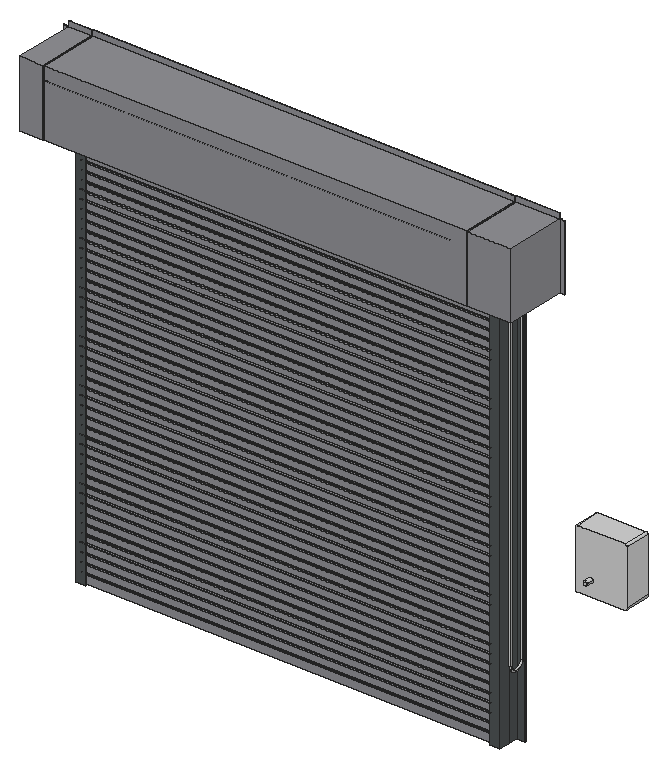
Revit family "Doors_Industrial_Overhead-Door-Corporation_RapidSlat-Rolling-Steel-Service-Doors-626_", category Specialty Equipment, host Wall, Revit 2019
Family settings
  Host = Wall
  Round Connector Dimension = Use Diameter
  Part Type = Normal
  OmniClass Number = 23.30.10.21.34
  OmniClass Title = Industrial Doors
  Always vertical = Yes
  Cut with Voids When Loaded = Yes
  Shared = No
  Room Calculation Point = No
Parameters (values of type "208 volts, one phase, 60 Hz (208-240V range)")
  Warning Sign [instance] = if(Calculated Area > 683.00 SF, 1 = 1, 1 = 2)  # no
  Warning (Note) [instance] = if(Warning Sign, "The Door Area is out of the limit; please adjust accordingly. The maximum allowed area is 683 sq. ft.", if(Opening Height > 360", "Headroom Clearance Dimensions - out of the limits. Consult Factory", " "))  # " "
  Wall Thickness [instance] = 6"
  Voltage = 208 V
  True Opening Width [instance] = Clear Width  # 120"
  True Opening Height [instance] = Clear Height  # 120"
  Slat Type [instance] = if(Slat Option < 2, "F-265", "F-265i")  # "F-265i"
  Slat Option [instance] = 2  # constant formula
  Slat Length [instance] = Clear Width + G Value * 2 - 1" / 2 * 2  # 126"
  Slat Height [instance] = 13 19/128"  # constant formula
  Slat [instance] = if(Slat Option < 2, 1, 2)  # 2
  Product Page URL = "https://www.overheaddoor.com/rolling-steel-service-doors-626"
  Power Factor = 1
  Powder Coat (Note) = "PowderGuard® Premium powder coat finish options are available in approximately 200 colors as well as custom matching to specification. PowderGuard® Textured finish, a thicker, more scratch resistant coat, is available in 11 colors providing enhanced scratch resistance as well as aiding in hiding the dirt and blemishes that often occur in commercial environments.​"  # constant formula
  Opening Width Real [instance] = if(Opening Width > Max Opening Width, Max Opening Width, if(Opening Width < Min Opening Width, Min Opening Width, Opening Width))  # 120"
  Opening Width [instance] = 120"
  Opening Height Real [instance] = if(Opening Height > Max Opening Height, Max Opening Height, if(Opening Height < Min Opening Height, Min Opening Height, Opening Height))  # 120"
  Opening Height [instance] = 120"
  One Array element [instance] = not(Array Vis)  # no
  Number of Poles = 1
  Motor Position [instance] = M Value - G Value  # 2 3/4"
  Min Opening Width [instance] = 18"  # constant formula
  Min Opening Height [instance] = 24"  # constant formula
  Max Opening Width [instance] = 360"  # constant formula
  Max Opening Height [instance] = 240"  # constant formula
  Material Finish [instance] = 626 : Standard - Gray
  M Value [instance] = if(or(Opening Width < 108", Opening Width = 108"), 5 3/4", if(or(Opening Width < 180", Opening Width = 180"), 6 1/4", if(or(Opening Width < 240", Opening Width = 240"), 7 1/4", 9 1/4")))  # 6 1/4"
  Installation Real [instance] = Wall Thickness  # 6"
  Hood Type [instance] = "Square Hood"  # constant formula
  Hood Offset [instance] = 4"  # constant formula
  Hood Material [instance] = Metal - Overhead Door - Gray
  Hood Height [instance] = A Value + 2"  # 20"
  Headroom Height Real [instance] = Hood Offset + Hood Height  # 24"
  Headroom Height [instance] = Headroom Height Real + 1 1/2"  # 25 1/2"
  HC 4 [instance] = if(or(Clear Height < 84", Clear Height = 84"), 16", if(or(Clear Height < 132", Clear Height = 132"), 18", if(or(Clear Height < 192", Clear Height = 192"), 20", 22")))  # 18"
  HC 3 [instance] = if(or(Clear Height < 108", Clear Height = 108"), 16", if(or(Clear Height < 168", Clear Height = 168"), 18", 20"))  # 18"
  HC 2 [instance] = if(or(Clear Height < 60", Clear Height = 60"), 14", if(or(Clear Height < 120", Clear Height = 120"), 16", if(or(Clear Height < 180", Clear Height = 180"), 18", 20")))  # 16"
  HC 1 [instance] = if(or(Clear Height < 96", Clear Height = 96"), 14", if(or(Clear Height < 168", Clear Height = 168"), 16", 18"))  # 16"
  Guide Type [instance] = "Angled Z Guide"  # constant formula
  Guid Depth [instance] = D Value  # 6 1/4"
  G Value [instance] = if(or(Opening Width < 108", Opening Width = 108"), 3", if(or(Opening Width < 180", Opening Width = 180"), 3 1/2", if(or(Opening Width < 240", Opening Width = 240"), 4", 5 9/16")))  # 3 1/2"
  Frequency = 60 Hz
  Face of Wall Offset [instance] = 5"  # constant formula
  Door Width True [instance] = Clear Width + M Value * 2  # 132 1/2"
  Door Width (Real) [instance] = Clear Width + 1"  # 121"
  Door Height True [instance] = Clear Width + Headroom Height  # 145 1/2"
  Door Height (Real) [instance] = Clear Height + Hood Offset  # 124"
  URL = "https://www.overheaddoor.com/"
  Product data url = "https://www.bimobject.com/overhead-door/product/rapidslat-rolling-steel-service-doors-626"
  Product Guid = "a66eed82-2c6d-4bdc-adc6-971020adabf3"
  Model = "626"  # constant formula
  Manufacturer = "Overhead Door Corporation"  # constant formula
  Wall Closure = By host
  Floor To (CL) of Shaft [instance] = Clear Height + Hood Height / 2 + Hood Offset  # 134"
  Finish Material = Finish - Overhead Door - Black
  Description = "RapidSlat Model 626 Stormtite Advanced Performance service door R-value 7.7, U-value .13, Smoke generation 10, Flame spread 5, STC 21"  # constant formula
  D Value [instance] = if(or(Opening Width < 108", Opening Width = 108"), 5 11/16", if(or(Opening Width < 180", Opening Width = 180"), 6 1/4", if(or(Opening Width < 240", Opening Width = 240"), 6 3/16", 7 1/16")))  # 6 1/4"
  Clear Width [instance] = Opening Width Real  # 120"
  Clear Height [instance] = Opening Height Real  # 120"
  Current = 20 A
  Backroom Depth [instance] = A Value + 1/2"  # 18 1/2"
  BJ Displacement Real [instance] = 0"  # constant formula
  Array Vis [instance] = if(Array < 2, 1 = 2, 1 = 1)  # yes
  Array Real [instance] = if(Array < 2, 2, Array)  # 10
  Array Length [instance] = (Array) * Slat Height  # 131 31/64"
  Array [instance] = rounddown(([Door Height (Real)] - 3") / Slat Height) + 1  # 10
  Calculated Area [instance] = [Door Width (Real)] * [Door Height (Real)]  # 104.194 SF
  Apparent Load Phase 3 = if(Number of Poles = 1, 0 VA, (Voltage * Current * sqrt(3)) / 3)  # 0 VA
  Apparent Load Phase 2 = if(Number of Poles = 1, 0 VA, (Voltage * Current * sqrt(3)) / 3)  # 0 VA
  Apparent Load Phase 1 = if(Number of Poles = 1, Voltage * Current, (Voltage * Current * sqrt(3)) / 3)  # 4160 VA
  A Value [instance] = if(Slat Option < 2, HC 3, HC 4)  # 18"
Reference planes (in)
  plane 1 "Center (Front/Back)": y = -14.625
  plane 2 "Center (Left/Right)": x = 0
  plane 3 "Left": x = -60
  plane 4 "Right": x = 60
  plane 5 "Exterior": y = -8.625
  plane 6 "Interior": y = -14.625
  plane 7: x = 66.25
  plane 8: x = -66.25
  plane 9: z = 120
  plane 10 "Main": y = -20.23437
  plane 11 "Backroom Depth": y = -32.125
  plane 12 "Main Door Block": y = -13.625
  plane 13 "Bottom Bar": z = 2.75
  plane 14: y = -20.875
  plane 15: z = 134.23438
  plane 16: z = 144
  plane 17: z = 124
  plane 18: z = 145.5
  plane 19: z = 0
  plane 20: z = 60
  plane 21: y = -20.0625
  plane 22: y = 18.375
  plane 23: y = -41.625
  plane 24 "Double Main": y = -19.656
  plane 25 "Headroom Top": z = 145.5
  plane 26: z = 134
  plane 27: x = 63.5
  plane 28: x = -63.5
  plane 29: z = 121.08594
  plane 30: y = -20.0625
  plane 31: z = 2.75
  plane 32: y = -20.0625
  plane 33: z = 121.08594
  plane 34: y = -20.0625
  plane 35: z = 15.89844
  plane 36: y = -20.0625
  plane 37: z = 29.04688
  plane 38: y = -20.0625
  plane 39: z = 42.19531
  plane 40: y = -20.0625
  plane 41: z = 55.34375
  plane 42: y = -20.0625
  plane 43: z = 68.49219
  plane 44: y = -20.0625
  plane 45: z = 81.64063
  plane 46: y = -20.0625
  plane 47: z = 94.78906
  plane 48: y = -20.0625
  plane 49: z = 107.9375
  plane 50: z = 2.75
  plane 51: y = -20.0625
  plane 52: z = 121.08594
  plane 53: y = -20.0625
  plane 54: z = 15.89844
  plane 55: y = -20.0625
  plane 56: z = 29.04688
  plane 57: y = -20.0625
  plane 58: z = 42.19531
  plane 59: y = -20.0625
  plane 60: z = 55.34375
  plane 61: y = -20.0625
  plane 62: z = 68.49219
  plane 63: y = -20.0625
  plane 64: z = 81.64063
  plane 65: y = -20.0625
  plane 66: z = 94.78906
  plane 67: y = -20.0625
  plane 68: z = 107.9375
  plane 69: y = -20.0625
Forms (in)
  Extrusion 1, void
    sketch origin (0, -13.625, 0) x (0, 0, -1) y (-1, 0, 0)
      loop
        line (-120, 60) -> (-120, -60) -> (0, -60) -> (0, 60) -> (-120, 60)
    from -1 to 5
Text (in)
  text "Exterior" at (-74.96733, 27.31104, 0), in view "Ref. Level"
  text "Interior" at (-74.96733, -25.14366, 0), in view "Ref. Level"
  text "Exterior" at (0, 40.15149, 123.01588), in view "Right"
  text "Interior" at (0, -64.39139, 123.01588), in view "Right"
  text "Interior" at (0, -31.01599, 123.00693), in view "Left"
  text "Exterior" at (0, 54.57065, 123.00693), in view "Left"
Dimensions and locks (in)
  equal spacing: plane 3 "Left", plane 2 "Center (Left/Right)", plane 4 "Right"
  "Clear Width": plane 3 "Left" to plane 4 "Right"
  level to host wall = 459.59655"
  "Clear Height": level to plane 9
  plane 7 to plane 8 = 132 1/2"
  equal spacing: plane 7, plane 2 "Center (Left/Right)", plane 8
  locked: plane 13 "Bottom Bar" to level at 2.75
  "Door Width True": plane 7 to plane 8
  locked: plane 14 to plane 10 "Main" at 0.64063
  "Array Length": plane 15 to plane 13 "Bottom Bar"
  "Backroom Depth": plane 11 "Backroom Depth" to plane 12 "Main Door Block"
  "Hood Height": plane 16 to plane 17
  locked: plane 18 to plane 16 at 1.5
  "Installation Real": plane 1 "Center (Front/Back)" to plane 5 "Exterior"
  "Wall Thickness": host wall to host wall
  equal spacing: plane 9, plane 20, plane 19
  locked: plane 10 "Main" to plane 21 at 0.17187
  equal spacing: plane 22, host wall, plane 23
  locked: plane 22 to plane 23 at 60
  locked: plane 10 "Main" to plane 24 "Double Main" at 0.57837
  "Hood Offset": plane 17 to plane 9
  "Headroom Height": plane 25 "Headroom Top" to plane 9
  "Floor To (CL) of Shaft": plane 26 to level
  "Motor Position": plane 7 to plane 27
  "Motor Position": plane 28 to plane 8
  "Guid Depth": plane 14 to plane 1 "Center (Front/Back)"
  "Slat Height": plane 15 to plane 29
  equal spacing: group 1, group 3, group 4, group 5, group 6, group 7, group 8, group 9, group 10, group 2  (x2)
  equal spacing: group 2, group 10, group 9, group 8, group 7, group 6, group 5, group 4, group 3, group 1
  equal spacing: group 12, group 20, group 19, group 18, group 17, group 16, group 15, group 14, group 13, group 11  (x2)
  equal spacing: group 11, group 13, group 14, group 15, group 16, group 17, group 18, group 19, group 20, group 12
  aligned and locked: plane 5 "Exterior" to host wall
  aligned and locked: host wall to plane 6 "Interior"
  aligned and locked: level to Extrusion 1 sketch curve
  aligned and locked: Extrusion 1 to plane 5 "Exterior"
  aligned and locked: plane 6 "Interior" to Extrusion 1
  aligned and locked: nested 1 to plane 2 "Center (Left/Right)"
  aligned and locked: nested 1 to level
  aligned and locked: level to plane 19
  aligned and locked: nested 1 to plane 1 "Center (Front/Back)"
  aligned and locked: plane 2 "Center (Left/Right)" to nested 2
  aligned and locked: nested 2 to plane 22
  aligned and locked: plane 23 to nested 3
  aligned and locked: nested 3 to plane 2 "Center (Left/Right)"
  aligned and locked: nested 4 to plane 20
  aligned and locked: plane 2 "Center (Left/Right)" to nested 4
  aligned and locked: nested 4 to plane 21
  aligned and locked: plane 4 "Right" to Extrusion 1 sketch curve
  aligned and locked: plane 3 "Left" to Extrusion 1 sketch curve
  aligned and locked: Extrusion 1 sketch curve to plane 9
  aligned and locked: plane 13 "Bottom Bar" to plane 31
  aligned and locked: plane 21 to plane 30
  aligned and locked: plane 29 to plane 33
  aligned and locked: plane 32 to plane 21
  aligned and locked: plane 13 "Bottom Bar" to plane 50
  aligned and locked: plane 21 to plane 51
  aligned and locked: plane 29 to plane 52
  aligned and locked: plane 53 to plane 21
  aligned and locked: plane 21 to nested 15
Nested families (in)
  nested 1: "Lifts" at (0, -14.625, 0), type "Frame Unit"
    with Square Hood yes, Round Hood no, Right Motor Position yes, Octagon Hood no, No Hood no, M Value 6 1/4", Hood Offset 4", Headroom Height Real 24", G Value 3 1/2", Headroom Height 24", Guide Offset 3 1/2", Guide Z Wide 2 3/4", Floor To (CL) of Shaft 134", D Value 6 1/4"
  nested 2: "Label Annotation 1" at (0, 18.375, 0), visible <- "Warning Sign", type "Label Annotation 1"
  nested 3: "Label Annotation 1" at (0, -41.625, 0) x (-1, 0, 0) z (0, 0, 1), visible <- "Warning Sign", type "Label Annotation 1"
  nested 4: "Warning Sign" at (0, -20.0625, 60), visible <- "Warning Sign", type "Warning Sign"
    with Warning Sign no
  nested 5: "626" at (0, -20.0625, 2.75), Slat Option <- "Slat", Opening Width <- "Slat Length", visible <- "Array Vis", type <- "Material Finish", type "Standard - Gray"
    with not av no, Void Offset 1", Void Height 1", Slat Width 3/4", Slat Position + Offset 14.044", Slat Position 13.15", Slat Option 2, Opening Width 126", Integrated Cutout no, F-265i yes, F 265 no, Cutout Width Offset 1", Cutout Vertical Offset 0.894", Cutout Horizontal Offset 1"
  nested 6: "626" at (0, -20.0625, 121.08594), Slat Option <- "Slat", Opening Width <- "Slat Length", visible <- "Array Vis", type <- "Material Finish", type "Standard - Gray"
    with not av no, Void Offset 1", Void Height 1", Slat Width 3/4", Slat Position + Offset 14.044", Slat Position 13.15", Slat Option 2, Opening Width 126", Integrated Cutout no, F-265i yes, F 265 no, Cutout Width Offset 1", Cutout Vertical Offset 0.894", Cutout Horizontal Offset 1"
  nested 7: "626" at (0, -20.0625, 15.89844), Slat Option <- "Slat", Opening Width <- "Slat Length", visible <- "Array Vis", type <- "Material Finish", type "Standard - Gray"
    with not av no, Void Offset 1", Void Height 1", Slat Width 3/4", Slat Position + Offset 14.044", Slat Position 13.15", Slat Option 2, Opening Width 126", Integrated Cutout no, F-265i yes, F 265 no, Cutout Width Offset 1", Cutout Vertical Offset 0.894", Cutout Horizontal Offset 1"
  nested 8: "626" at (0, -20.0625, 29.04688), Slat Option <- "Slat", Opening Width <- "Slat Length", visible <- "Array Vis", type <- "Material Finish", type "Standard - Gray"
    with not av no, Void Offset 1", Void Height 1", Slat Width 3/4", Slat Position + Offset 14.044", Slat Position 13.15", Slat Option 2, Opening Width 126", Integrated Cutout no, F-265i yes, F 265 no, Cutout Width Offset 1", Cutout Vertical Offset 0.894", Cutout Horizontal Offset 1"
  nested 9: "626" at (0, -20.0625, 42.19531), Slat Option <- "Slat", Opening Width <- "Slat Length", visible <- "Array Vis", type <- "Material Finish", type "Standard - Gray"
    with not av no, Void Offset 1", Void Height 1", Slat Width 3/4", Slat Position + Offset 14.044", Slat Position 13.15", Slat Option 2, Opening Width 126", Integrated Cutout no, F-265i yes, F 265 no, Cutout Width Offset 1", Cutout Vertical Offset 0.894", Cutout Horizontal Offset 1"
  nested 10: "626" at (0, -20.0625, 55.34375), Slat Option <- "Slat", Opening Width <- "Slat Length", visible <- "Array Vis", type <- "Material Finish", type "Standard - Gray"
    with not av no, Void Offset 1", Void Height 1", Slat Width 3/4", Slat Position + Offset 14.044", Slat Position 13.15", Slat Option 2, Opening Width 126", Integrated Cutout no, F-265i yes, F 265 no, Cutout Width Offset 1", Cutout Vertical Offset 0.894", Cutout Horizontal Offset 1"
  nested 11: "626" at (0, -20.0625, 68.49219), Slat Option <- "Slat", Opening Width <- "Slat Length", visible <- "Array Vis", type <- "Material Finish", type "Standard - Gray"
    with not av no, Void Offset 1", Void Height 1", Slat Width 3/4", Slat Position + Offset 14.044", Slat Position 13.15", Slat Option 2, Opening Width 126", Integrated Cutout no, F-265i yes, F 265 no, Cutout Width Offset 1", Cutout Vertical Offset 0.894", Cutout Horizontal Offset 1"
  nested 12: "626" at (0, -20.0625, 81.64063), Slat Option <- "Slat", Opening Width <- "Slat Length", visible <- "Array Vis", type <- "Material Finish", type "Standard - Gray"
    with not av no, Void Offset 1", Void Height 1", Slat Width 3/4", Slat Position + Offset 14.044", Slat Position 13.15", Slat Option 2, Opening Width 126", Integrated Cutout no, F-265i yes, F 265 no, Cutout Width Offset 1", Cutout Vertical Offset 0.894", Cutout Horizontal Offset 1"
  nested 13: "626" at (0, -20.0625, 94.78906), Slat Option <- "Slat", Opening Width <- "Slat Length", visible <- "Array Vis", type <- "Material Finish", type "Standard - Gray"
    with not av no, Void Offset 1", Void Height 1", Slat Width 3/4", Slat Position + Offset 14.044", Slat Position 13.15", Slat Option 2, Opening Width 126", Integrated Cutout no, F-265i yes, F 265 no, Cutout Width Offset 1", Cutout Vertical Offset 0.894", Cutout Horizontal Offset 1"
  nested 14: "626" at (0, -20.0625, 107.9375), Slat Option <- "Slat", Opening Width <- "Slat Length", visible <- "Array Vis", type <- "Material Finish", type "Standard - Gray"
    with not av no, Void Offset 1", Void Height 1", Slat Width 3/4", Slat Position + Offset 14.044", Slat Position 13.15", Slat Option 2, Opening Width 126", Integrated Cutout no, F-265i yes, F 265 no, Cutout Width Offset 1", Cutout Vertical Offset 0.894", Cutout Horizontal Offset 1"
  nested 15: "626" at (0, -20.0625, 2.75), Slat Option <- "Slat", Opening Width <- "Slat Length", visible <- "One Array element", type <- "Material Finish", type "Standard - Gray"
    with not av no, Void Offset 1", Void Height 1", Slat Width 3/4", Slat Position + Offset 14.044", Slat Position 13.15", Slat Option 2, Opening Width 126", Integrated Cutout no, F-265i yes, F 265 no, Cutout Width Offset 1", Cutout Vertical Offset 0.894", Cutout Horizontal Offset 1"
Connectors (in)
  electrical at (94.92963, -22.165, 60.07037), driven by "Apparent Load Phase 1", driven by "Apparent Load Phase 2", driven by "Apparent Load Phase 3", driven by "Power Factor", driven by "Voltage", driven by "Number of Poles"
    settings: on nested 1, index 1, voltage 208 V, apparent load 0 VA, apparent load phase1 4160 VA, apparent load phase2 0 VA, apparent load phase3 0 VA, power factor 1, load classification "Other", number of poles 1, system type 31, power factor state 1, is connector primary yes, connector utility no, sub classification motor no, connector description "Electrical Connector"
Definition of nested family "Lifts"
  Parameters (values of type "Frame Unit")
    True Width = if(Between Jambs, Opening Width, Opening Width + 1/2")  # 120 1/2"
    Square Hood [instance] = if(Hood Option = 2, 1 = 1, 1 = 2)  # yes
    Slat Option = 1
    Round Hood [instance] = if(Hood Option > 3, 1 = 1, 1 = 2)  # no
    Rough Width = 0"
    Rough Height = 0"
    Right Motor Position [instance] = yes
    Octagon Hood [instance] = if(Hood Option = 3, 1 = 1, 1 = 2)  # no
    No Hood [instance] = if(Hood Option < 2, 1 = 1, 1 = 2)  # no
    M Value = 7 1/2"
    Hood Type = if(Hood Option < 2, "No Hood", if(Hood Option = 2, "Square Hood", if(Hood Option = 3, "Octagon Hood", "Round Hood")))  # "Square Hood"
    Hood Option = 2
    Hood Offset = 3"
    Hood Height = Headroom Height Real - Hood Offset  # 20"
    Headroom Height Real = Headroom Height  # 23"
    Half Octagon Side = 3.41726"
    Half Hood Height = Headroom Height - Hood Offset  # 20"
    G Value = 4 1/2"
    E Guide Width = if(Between Jambs, Guide Offset - G Value + BJ Connection Length - BJ Displacement * 2 / 3, 3")  # 3"
    E Guide Height = 3"  # constant formula
    Z Guide = 1 = 1  # yes
    Slat Material = none
    Shaft Offset = if(Hood Height < Header Width, (Header Width - (Header Width - Hood Height)) / 2, Header Width / 2)  # 9 1/4"
    Shaft Material = none
    Shaft Length 2 = 18"  # constant formula
    Shaft Length 1 = 12"  # constant formula
    Setback = if(Between Jambs, 0", 1/2")  # 1/2"
    Opening Width = 120"
    Hood Material = none
    Headroom Height = 23"
    Header Width = 18 1/2"
    Opening Height = 120"
    Guide Type = if(Between Jambs, "Angled Between Jambs Z Guide", if(Guide Option > 1, "Angled Z Guide", "Angled E Guide"))  # "Angled Z Guide"
    Guide Option = if(Between Jambs, 1, 2)  # 2
    Guide Offset = BJ Displacement + G Value  # 4 1/2"
    Guide Z Wide = if(Between Jambs, Guide Offset - G Value + BJ Connection Length - BJ Displacement * 2 / 3, M Value - G Value)  # 3"
    Guide Z Height = 3"  # constant formula
    Floor To (CL) of Shaft = 133"
    Finish Material = none
    Face to Wall Mount = not(Between Jambs)  # yes
    E Guide = if(Between Jambs, 1 = 1, 1 = 2)  # no
    D Value = 5 3/16"
    Chain offset = if(Opening Height < 35", Opening Height - 5", 30")  # 30"
    Between Jambs = no
    BJ Position = if(Between Jambs, 1/4", 0")  # 0"
    BJ Displacement = 0"
    BJ Connection Length = 1 / 3 * BJ Displacement  # 0"
    Angled Guide = 1 = 1  # yes
    1 = 15 1/2"
  Reference planes (in)
    plane 1 "Center (Front/Back)": y = 0
    plane 2: z = 0
    plane 3 "Center (Left/Right)": x = 0
    plane 4 "Opening Height": z = 120
    plane 5: x = -72
    plane 6: x = 78
    plane 7: z = 143
    plane 8: y = 18.5
    plane 9 "Real Opening 2": x = -60
    plane 10 "Real Opening 1": x = 60
    plane 11: z = 123
    plane 12 "Main": y = 0
    plane 13: z = 133
    plane 14: x = 64.5
    plane 15: x = -64.5
    plane 16: x = -64.5
    plane 17: x = 64.5
    plane 18: y = 5.1875
    plane 19: x = -64.25
    plane 20: x = 64.25
    plane 21: z = 144.5
    plane 22: y = 5.1875
    plane 23: y = 4.0625
    plane 24: y = 5.1875
    plane 25: y = 4.0625
    plane 26: y = 0.25
    plane 27: z = 123
    plane 28: z = 30
    plane 29: z = 0
    plane 30: x = 74
    plane 31: x = 96
    plane 32: z = 60
    plane 33: y = 7.54
    plane 34: x = 76.25
    plane 35: x = -70.25
  Forms (in)
    Extrusion 1, solid, material <- "Slat Material"
      sketch origin (0, 0, 0) x (0, 1, 0) y (0, 0, 1)
        loop
          line (4.375, 2.375) -> (4.375, 2.75) -> (3.75, 2.75) -> (3.75, 2.375) -> (4.375, 2.375)
      from -64.25 to 64.25
    Extrusion 2, solid, material <- "Slat Material"
      sketch origin (0, 0, 0) x (0, 1, 0) y (0, 0, 1)
        loop
          line (4.375, 2.375) -> (3.75, 2.375) -> (3.75, 0) -> (4.375, 0) -> (4.375, 2.375)
      from -64.25 to 64.25
    Extrusion 3, solid, material <- "Shaft Material"
      sketch origin (0, -5.35201, 0) x (0, 1, 0) y (0, 0, 1)
        loop
          circle (14.60201, 133) r 0.6
      from -70.25 to 76.25
    Extrusion 4, solid, material <- "Hood Material", visible <- "Square Hood"
      sketch origin (0, 0, 0) x (0, 1, 0) y (0, 0, 1)
        loop
          line (0, 123) -> (18.5, 123) -> (18.5, 144.5) -> (0, 144.5) -> (0, 123)
      from -64.25 to 64.25
    Extrusion 5, solid, material <- "Finish Material", visible <- "E Guide"
      sketch origin (0, 0, 0) x (1, 0, 0) y (0, 1, 0)
        loop
          line (61.5, 0) -> (64.5, 0) -> (64.5, 3) -> (64.4375, 3)
          arc (64.4375, 3) -> (64.30492, 2.94508) -> (64.25, 2.8125) r 0.1875
          line (64.25, 2.8125) -> (64.25, 0.25) -> (61.6875, 0.25)
          arc (61.6875, 0.25) -> (61.55492, 0.19508) -> (61.5, 0.0625) r 0.1875
          line (61.5, 0.0625) -> (61.5, 0)
        loop
          line (-61.5, 0) -> (-61.5, 0.0625)
          arc (-61.5, 0.0625) -> (-61.55492, 0.19508) -> (-61.6875, 0.25) r 0.1875
          line (-61.6875, 0.25) -> (-64.25, 0.25) -> (-64.25, 2.8125)
          arc (-64.25, 2.8125) -> (-64.30492, 2.94508) -> (-64.4375, 3) r 0.1875
          line (-64.4375, 3) -> (-64.5, 3) -> (-64.5, 0) -> (-61.5, 0)
      from 0 to 123
    Extrusion 6, solid, material <- "Finish Material", visible <- "Z Guide"
      sketch origin (0, 0, 0) x (1, 0, 0) y (0, 1, 0)
        loop
          line (67.5, 0) -> (67.5, 0.062)
          arc (67.5, 0.062) -> (67.44494, 0.19494) -> (67.312, 0.25) r 0.188
          line (67.312, 0.25) -> (64.75, 0.25) -> (64.75, 2.812)
          arc (64.75, 2.812) -> (64.69494, 2.94494) -> (64.562, 3) r 0.188
          line (64.562, 3) -> (64.5, 3) -> (64.5, 0) -> (67.5, 0)
        loop
          line (-67.5, 0) -> (-64.5, 0) -> (-64.5, 3) -> (-64.562, 3)
          arc (-64.562, 3) -> (-64.69494, 2.94494) -> (-64.75, 2.812) r 0.188
          line (-64.75, 2.812) -> (-64.75, 0.25) -> (-67.312, 0.25)
          arc (-67.312, 0.25) -> (-67.44494, 0.19494) -> (-67.5, 0.062) r 0.188
          line (-67.5, 0.062) -> (-67.5, 0)
      from 0 to 123
    Extrusion 7, solid, material <- "Finish Material", visible <- "Angled Guide"
      sketch origin (0, 0, 0) x (1, 0, 0) y (0, 1, 0)
        loop
          line (60.5, 5.1875) -> (60.5, 5.1245)
          arc (60.5, 5.1245) -> (60.55477, 4.99227) -> (60.687, 4.9375) r 0.187
          line (60.687, 4.9375) -> (64.25, 4.9375) -> (64.25, 3.1875) -> (60.5, 3.1875) -> (60.5, 3.1245)
          arc (60.5, 3.1245) -> (60.55477, 2.99227) -> (60.687, 2.9375) r 0.187
          line (60.687, 2.9375) -> (64, 2.9375) -> (64, 1.25) -> (64.25, 1.25) -> (64.25, 0.9375) -> (64.5, 0.9375) -> (64.5, 5.1875) -> (60.5, 5.1875)
        loop
          line (-60.5, 5.1875) -> (-64.5, 5.1875) -> (-64.5, 0.9375) -> (-64.25, 0.9375) -> (-64.25, 1.25) -> (-64, 1.25) -> (-64, 2.9375) -> (-60.687, 2.9375)
          arc (-60.687, 2.9375) -> (-60.55477, 2.99227) -> (-60.5, 3.1245) r 0.187
          line (-60.5, 3.1245) -> (-60.5, 3.1875) -> (-64.25, 3.1875) -> (-64.25, 4.9375) -> (-60.687, 4.9375)
          arc (-60.687, 4.9375) -> (-60.55477, 4.99227) -> (-60.5, 5.1245) r 0.187
          line (-60.5, 5.1245) -> (-60.5, 5.1875)
      from 0 to 123
    Extrusion 8, solid, material <- "Hood Material"
      sketch origin (0, 0, 0) x (-1, 0, 0) y (0, 0, 1)
        loop
          line (64.25, 123) -> (64.5, 123) -> (64.5, 143) -> (64.25, 143) -> (64.25, 123)
        loop
          line (-64.5, 123) -> (-64.25, 123) -> (-64.25, 143) -> (-64.5, 143) -> (-64.5, 123)
      from 0 to 18.5
    Extrusion 9, solid, material <- "Hood Material"
      sketch origin (0, 0, 0) x (1, 0, 0) y (0, 1, 0)
        loop
          line (-72, 0) -> (-64.5, 0) -> (-64.5, 18.5) -> (-72, 18.5) -> (-72, 0)
        loop
          line (78, 0) -> (78, 18.5) -> (64.5, 18.5) -> (64.5, 0) -> (78, 0)
      from 123 to 144.5
    Extrusion 10, void
      sketch origin (0, 0, 0) x (1, 0, 0) y (0, 0, 1)
        loop
          line (-72, 144.5) -> (-72, 123) -> (-70.5, 123) -> (-70.5, 143) -> (76.5, 143) -> (76.5, 120) -> (78, 120) -> (78, 144.5) -> (-72, 144.5)
      from -0.25 to -18.5
    Extrusion 11, void
      sketch origin (0, 0, 0) x (1, 0, 0) y (0, 0, 1)
        loop
          line (-72, 143) -> (-70.5, 143) -> (-70.5, 144.5) -> (-72, 144.5) -> (-72, 143)
        loop
          line (78, 143) -> (78, 144.5) -> (76.5, 144.5) -> (76.5, 143) -> (78, 143)
      from 0 to -0.25
    Sweep 12, solid
      path origin (74, -12.75, 1000) x (0, -1, 0) y (0, 0, 1)
        loop
          line (-28.53866, -877) -> (-28.53866, -970)
          arc (-28.53866, -970) -> (-26.10116, -972.4375) -> (-23.66366, -970) r 2.4375
          line (-23.66366, -970) -> (-23.66366, -877)
      profile origin (74, 15.78866, 76.5) x (-1, 0, 0) y (0, -1, 0)
        loop
          circle (0, 0.2675) r 0.2675
    Extrusion 13, solid
      sketch origin (96, 0, 60) x (1, 0, 0) y (0, 0, 1)
        loop
          line (7.25, 8.90625) -> (-7.25, 8.90625)
          arc (-7.25, 8.90625) -> (-7.60355, 8.7598) -> (-7.75, 8.40625) r 0.5
          line (-7.75, 8.40625) -> (-7.75, -8.40625)
          arc (-7.75, -8.40625) -> (-7.60355, -8.7598) -> (-7.25, -8.90625) r 0.5
          line (-7.25, -8.90625) -> (6.68702, -8.90625)
          arc (6.68702, -8.90625) -> (7.43866, -8.59491) -> (7.75, -7.84327) r 1.06298
          line (7.75, -7.84327) -> (7.75, 8.40625)
          arc (7.75, 8.40625) -> (7.60355, 8.7598) -> (7.25, 8.90625) r 0.5
      from 0 to -7.54
    Revolve 14, solid, visible <- "Right Motor Position"
      sketch origin (96, 0, 55.5) x (0, -1, 0) y (1, 0, 0)
        loop
          line (-7.54, -3.41542) -> (-7.54, -2.66542) -> (-9.312, -2.81542) -> (-9.312, -3.41542) -> (-7.54, -3.41542)
        axis (-7.54, -3.41542) -> (-9.312, -3.41542)
      angle from 0 to 360
  Cuts and joins
    Extrusion 10, Extrusion 11 cuts Extrusion 9
    Extrusion 10 cuts Extrusion 4
  Lines and regions (in)
    Masking region 1
      outline origin (0, 0, 0) x (1, 0, 0) y (0, 1, 0)
        loop
          line (-64.5, 18.5) -> (-64.5, 0) -> (64.5, 0) -> (64.5, 18.5) -> (-64.5, 18.5)
    Masking region 2
      outline origin (0, 0, 0) x (1, 0, 0) y (0, 1, 0)
        loop
          line (64.5, 0) -> (78, 0) -> (78, 0.25) -> (76.5, 0.25) -> (76.5, 18.5) -> (64.5, 18.5) -> (64.5, 0)
        loop
          line (-64.5, 0) -> (-64.5, 18.5) -> (-70.5, 18.5) -> (-70.5, 0.25) -> (-72, 0.25) -> (-72, 0) -> (-64.5, 0)
    Masking region 3
      outline origin (0, 0, 0) x (1, 0, 0) y (0, 1, 0)
        loop
          line (88.25, 7.54) -> (88.25, 0) -> (103.75, 0) -> (103.75, 7.54) -> (88.25, 7.54)
    Masking region 4
      outline origin (92.64, 2.54, 60) x (0, -1, 0) y (1, 0, 0)
        loop
          line (-6.772, 0.54458) -> (-6.772, -0.65542) -> (-5, -0.80542) -> (-5, 0.69458) -> (-6.772, 0.54458)
    symbolic lines
      curve 1: line (-64.25, 0, 0) -> (-64.25, 18.5, 0)
      curve 2: line (64.25, 18.5, 0) -> (64.25, 0, 0)
      curve 4: line (-72, 0.25, 0) -> (78, 0.25, 0)
    symbolic lines, visible <- "Octagon Hood"
      curve 3: line (-64.25, 14.69239, 0) -> (64.25, 14.69239, 0)
    reference lines
      curve 5: line (96, 0, 60) -> (105, 0, 60)
      curve 6: line (96, 0, 55.5) -> (101.75, 0, 55.5)
  Dimensions and locks (in)
    Extrusion 1 sketch curve to level = 2 3/8"
    locked: Extrusion 1 sketch curve to Extrusion 1 sketch curve at 0.625
    locked: Extrusion 2 sketch curve to level at 2.375
    "Headroom Height Real": plane 7 to plane 4 "Opening Height"
    plane 8 to plane 1 "Center (Front/Back)" = 18 1/2"
    "Opening Height": plane 4 "Opening Height" to level
    "Hood Offset": plane 11 to plane 4 "Opening Height"
    "BJ Position": plane 12 "Main" to plane 1 "Center (Front/Back)"
    "Header Width": plane 12 "Main" to plane 8
    "Floor To (CL) of Shaft": plane 13 to level
    "Shaft Offset": Extrusion 3 sketch curve to plane 8
    locked: Extrusion 2 sketch curve to Extrusion 2 sketch curve at 0.625
    "Guide Offset": plane 10 "Real Opening 1" to plane 14
    "Guide Offset": plane 15 to plane 9 "Real Opening 2"
    locked: Extrusion 5 sketch curve to Extrusion 5 sketch curve at 0.25  (x4)
    "E Guide Height": Extrusion 5 sketch curve to Extrusion 5 sketch curve  (x2)
    "E Guide Width": Extrusion 5 sketch curve to Extrusion 5 sketch curve  (x2)
    locked: Extrusion 6 sketch curve to Extrusion 6 sketch curve at 0.25  (x4)
    "Guide Z Wide": Extrusion 6 sketch curve to Extrusion 6 sketch curve  (x2)
    "Guide Z Height": Extrusion 6 sketch curve to Extrusion 6 sketch curve  (x2)
    locked: Extrusion 7 sketch curve to Extrusion 7 sketch curve at 0.25  (x8)
    locked: Extrusion 7 sketch curve to Extrusion 7 sketch curve at 2.25  (x2)
    locked: Extrusion 7 sketch curve to Extrusion 7 sketch curve at 4.25  (x2)
    locked: Extrusion 7 sketch curve to Extrusion 7 sketch curve at 0.3125  (x2)
    "Setback": plane 10 "Real Opening 1" to Extrusion 7 sketch curve
    "Setback": Extrusion 7 sketch curve to plane 9 "Real Opening 2"
    equal spacing: plane 15, plane 3 "Center (Left/Right)", plane 14
    "G Value": Extrusion 6 sketch curve to plane 9 "Real Opening 2"
    "G Value": plane 10 "Real Opening 1" to Extrusion 6 sketch curve
    "G Value": plane 10 "Real Opening 1" to plane 17
    "G Value": plane 16 to plane 9 "Real Opening 2"
    "Shaft Length 1": plane 5 to plane 9 "Real Opening 2"
    "Shaft Length 2": plane 6 to plane 10 "Real Opening 1"
    locked: Extrusion 2 to plane 17 at 0.25
    locked: Extrusion 2 to plane 16 at 0.25
    locked: plane 16 to plane 19 at 0.25
    locked: plane 20 to plane 17 at 0.25
    equal spacing: plane 9 "Real Opening 2", plane 3 "Center (Left/Right)", plane 10 "Real Opening 1"
    "Opening Width": plane 9 "Real Opening 2" to plane 10 "Real Opening 1"
    locked: plane 21 to plane 7 at 1.5
    "D Value": plane 1 "Center (Front/Back)" to plane 18
    "D Value": plane 22 to plane 1 "Center (Front/Back)"
    locked: plane 22 to plane 23 at 1.125
    equal spacing: Extrusion 1 sketch curve, plane 23, Extrusion 1 sketch curve
    "D Value": plane 24 to plane 1 "Center (Front/Back)"
    locked: plane 24 to plane 25 at 1.125
    equal spacing: Extrusion 2 sketch curve, plane 25, Extrusion 2 sketch curve
    "G Value": plane 10 "Real Opening 1" to Extrusion 7 sketch curve
    "G Value": Extrusion 7 sketch curve to plane 9 "Real Opening 2"
    locked: Extrusion 10 sketch curve to Extrusion 10 sketch curve at 1.5  (x2)
    locked: plane 26 to plane 12 "Main" at 0.25
    locked: Extrusion 11 sketch curve to Extrusion 11 sketch curve at 1.5  (x2)
    "Chain offset": plane 28 to plane 29
    locked: plane 30 to plane 6 at 4
    locked: plane 20 to plane 31 at 31.75
    locked: plane 32 to level at 60
    locked: curve 5 to curve 5 at 9
    equal spacing: Masking region 3 sketch curve, plane 31, Masking region 3 sketch curve
    locked: Revolve 14 sketch curve to Revolve 14 sketch curve at 0.6
    locked: Revolve 14 sketch curve to Revolve 14 sketch curve at 0.75
    locked: plane 33 to Revolve 14 sketch curve at 1.772
    locked: Masking region 3 sketch curve to Masking region 3 sketch curve at 7.54
    locked: curve 5 to curve 6 at 4.5
    locked: curve 6 to curve 6 at 5.75
    locked: Masking region 3 sketch curve to plane 31 at 7.75
    locked: plane 34 to plane 6 at 1.75
    locked: plane 5 to plane 35 at 1.75
    radius of Extrusion 5 sketch curve = 3/16"  (x4)
    radius of Extrusion 6 sketch curve = 0.188"  (x4)
    locked: Extrusion 7 sketch curve to Extrusion 7 sketch curve (radius 0.187")  (x4)
    aligned and locked: plane 2 to level
    aligned and locked: Extrusion 4 sketch curve to plane 8
    aligned and locked: plane 13 to Extrusion 3 sketch curve
    aligned and locked: plane 12 "Main" to Extrusion 5 sketch curve  (x2)
    aligned and locked: Extrusion 5 sketch curve to plane 14
    aligned and locked: plane 15 to Extrusion 5 sketch curve
    aligned and locked: Extrusion 6 sketch curve to plane 1 "Center (Front/Back)"  (x2)
    aligned and locked: Extrusion 7 sketch curve to Extrusion 7 sketch curve  (x4)
    aligned and locked: plane 18 to Extrusion 7 sketch curve
    aligned and locked: Extrusion 7 sketch curve to plane 18
    aligned and locked: plane 12 "Main" to Extrusion 4 sketch curve
    aligned and locked: Extrusion 8 sketch curve to plane 11  (x2)
    aligned and locked: Extrusion 8 sketch curve to plane 7  (x2)
    aligned and locked: plane 16 to Extrusion 8 sketch curve
    aligned and locked: Extrusion 8 sketch curve to plane 17
    aligned and locked: Masking region 1 sketch curve to Extrusion 4
    aligned and locked: Masking region 1 to curve 2  (x2)
    aligned and locked: Masking region 1 to curve 1  (x2)
    aligned and locked: Extrusion 2 to Extrusion 1
    aligned and locked: Extrusion 1 to Extrusion 2
    aligned and locked: Masking region 1 to plane 16
    aligned and locked: Masking region 1 to plane 17
    aligned and locked: plane 19 to Extrusion 8 sketch curve
    aligned and locked: plane 20 to Extrusion 8 sketch curve
    aligned and locked: plane 19 to Extrusion 4
    aligned and locked: Extrusion 4 to plane 20
    aligned and locked: plane 8 to Extrusion 8
    aligned and locked: plane 19 to curve 3
    aligned and locked: plane 20 to curve 3
    aligned and locked: Extrusion 4 sketch curve to plane 11
    aligned and locked: Extrusion 6 to plane 11
    aligned and locked: plane 11 to Extrusion 5
    aligned and locked: plane 11 to Extrusion 7
    aligned and locked: Extrusion 9 sketch curve to plane 5
    aligned and locked: plane 16 to Extrusion 9 sketch curve
    aligned and locked: plane 1 "Center (Front/Back)" to Extrusion 9 sketch curve
    aligned and locked: Extrusion 9 sketch curve to plane 8  (x2)
    aligned and locked: Extrusion 9 sketch curve to plane 6
    aligned and locked: Extrusion 9 sketch curve to plane 14
    aligned and locked: Extrusion 9 sketch curve to plane 1 "Center (Front/Back)"
    aligned and locked: Extrusion 9 to plane 11
    aligned and locked: Extrusion 9 to plane 21
    aligned and locked: Extrusion 10 sketch curve to plane 21
    aligned and locked: Extrusion 10 sketch curve to plane 7
    aligned and locked: Extrusion 10 sketch curve to plane 5
    aligned and locked: Extrusion 10 sketch curve to plane 6
    aligned and locked: Extrusion 10 sketch curve to plane 11
    aligned and locked: Extrusion 10 sketch curve to plane 4 "Opening Height"
    aligned and locked: Extrusion 10 to plane 8
    aligned and locked: Extrusion 10 to plane 26
    aligned and locked: Extrusion 4 sketch curve to plane 21
    aligned and locked: plane 5 to Extrusion 11 sketch curve
    aligned and locked: plane 6 to Extrusion 11 sketch curve
    aligned and locked: Extrusion 11 sketch curve to plane 7
    aligned and locked: Extrusion 11 sketch curve to plane 21
    aligned and locked: plane 21 to Extrusion 11 sketch curve
    aligned and locked: plane 7 to Extrusion 11 sketch curve
    aligned and locked: plane 26 to Extrusion 11
    aligned and locked: Extrusion 11 to plane 1 "Center (Front/Back)"
    aligned and locked: Masking region 2 sketch curve to plane 14
    aligned and locked: Masking region 2 sketch curve to cut or joined group of Extrusion 9, Extrusion 10, Extrusion 11  (x5)
    aligned and locked: cut or joined group of Extrusion 9, Extrusion 10, Extrusion 11 to Masking region 2 sketch curve
    aligned and locked: Masking region 2 sketch curve to plane 6
    aligned and locked: plane 16 to Masking region 2 sketch curve
    aligned and locked: Masking region 2 sketch curve to plane 26
    aligned and locked: Masking region 2 sketch curve to plane 5
    aligned and locked: plane 1 "Center (Front/Back)" to Masking region 2 sketch curve
    aligned and locked: curve 4 to plane 26
    aligned and locked: plane 6 to curve 4
    aligned and locked: plane 5 to curve 4
    aligned and locked: plane 27 to Sweep 12 sketch curve  (x2)
    aligned and locked: plane 28 to Sweep 12 sketch curve  (x2)
    aligned and locked: plane 11 to plane 27
    aligned and locked: level to plane 29
    aligned and locked: plane 31 to curve 5
    aligned and locked: curve 5 to plane 32
    aligned and locked: Revolve 14 sketch curve to Revolve 14 sketch curve
    aligned and locked: Revolve 14 sketch curve to plane 33
    aligned and locked: Masking region 4 sketch curve to Revolve 14  (x2)
    aligned and locked: Masking region 3 sketch curve to plane 1 "Center (Front/Back)"
    aligned and locked: plane 31 to curve 6
    aligned and locked: Extrusion 3 to plane 34
    aligned and locked: plane 35 to Extrusion 3
  Automatic sketch dimensions
    curve 3 to curve 2 = 3.80761"
    Masking region 1 sketch curve to plane 1 "Center (Front/Back)" = 0"
    Masking region 1 sketch curve to plane 15 = 0"
    Masking region 1 sketch curve to plane 14 = 0"
    Sweep 12 sketch curve to plane 8 = 2.71134"
    Sweep 12 sketch curve to Sweep 12 sketch curve = 2 7/16"
    Sweep 12 sketch curve to profile plane = 0"
    Sweep 12 sketch curve to profile plane = 0.2675"
    Masking region 4 sketch curve to curve 5 = 4.16542"
    Masking region 4 sketch curve to curve 5 = 4.01542"
    Masking region 4 sketch curve to curve 5 = 2.81542"
    Masking region 4 sketch curve to curve 5 = 2.66542"
    Extrusion 13 sketch curve to curve 5 = 7 3/4"
    Extrusion 13 sketch curve to Extrusion 13 sketch curve = 1/2"  (x3)
    Extrusion 13 sketch curve to curve 5 = 1 3/4"
    Extrusion 13 sketch curve to curve 5 = 8 29/32"
    curve 5 to Extrusion 13 sketch curve = 8 13/32"
    Extrusion 13 sketch curve to Extrusion 13 sketch curve = 1.06298"
    Revolve 14 sketch curve to curve 6 = 3.41542"
    Revolve 14 sketch curve to curve 6 = 18.88505"
    Revolve 14 sketch curve to curve 6 = 3.07036"
    Extrusion 1 sketch curve to Extrusion 1 sketch curve = 3/8"
    Extrusion 2 sketch curve to level = 0"
    radius of Extrusion 3 sketch curve = 0.6"
    radius of Sweep 12 sketch curve = 0.2675"
Definition of nested family "626"
  Parameters (values of type "Standard - Gray")
    not av [instance] = 1 = 2  # no
    Void Offset [instance] = if(Integrated Cutout, 0", 1")  # 1"
    Void Height [instance] = if(and(F 265, Perforation), 2.3", 1")  # 1"
    Standard = yes
    Slat Width [instance] = if(Slat Option < 2, 0.63", 3/4")  # 3/4"
    Slat Position + Offset [instance] = Slat Position + Cutout Vertical Offset  # 14.044"
    Slat Position [instance] = 2.63" * 5  # 13.15"
    Slat Option [instance] = 3
    Rough Height = 0"
    Perforation = no
    Fenestration Small = no
    Fenestration Large = no
    F-265i [instance] = if(Slat Option > 1, 1 = 1, 1 = 2)  # yes
    F 265 [instance] = if(Slat Option < 2, 1 = 1, 1 = 2)  # no
    Cutout Width Offset [instance] = 1"  # constant formula
    Cutout Material 2 = none
    Cutout Horizontal Offset [instance] = 1"  # constant formula
    Cutout Material = none
    Panel Material = none
    Opening Width [instance] = 128"
    Cutout Vertical Offset [instance] = 0.894"  # constant formula
    Default Elevation = 48"
    Integrated Cutout [instance] = if(and(or(Perforation, Fenestration Small), Slat Option < 2), 1 = 1, if(and(Fenestration Large, Slat Option < 2), 1 = 1, 1 = 2))  # no
    Analytic Construction = "<None>"
  Types (16): name | Standard | Perforation | Fenestration Small | Fenestration Large
    Standard - White | yes | no | no | no
    Standard - Tan | yes | no | no | no
    Standard - Gray | yes | no | no | no
    Perforated - Gray | no | yes | no | no
    Perforated - Tan | no | yes | no | no
    Perforated - White | no | yes | no | no
    Fenestration Small - White | no | no | yes | no
    Fenestration Small - Tan | no | no | yes | no
    Fenestration Small - Gray | no | no | yes | no
    Fenestration Large - White | no | no | no | yes
    Fenestration Large - Tan | no | no | no | yes
    Fenestration Large - Gray | no | no | no | yes
    Standard - Brown | yes | no | no | no
    Fenestration Small - Brown | no | no | yes | no
    Fenestration Large - Brown | no | no | no | yes
    Perforated - Brown | no | yes | no | no
  Reference planes (in)
    plane 1 "Center (Front/Back)": y = 0
    plane 2: z = 0
    plane 3 "Center (Left/Right)": x = 0
    plane 4: x = -64
    plane 5: x = 64
    plane 6: y = 0.75
    plane 7: y = 0
    plane 8: y = 0.375
    plane 9: y = 0.72
    plane 10: x = -63
    plane 11: x = 63
  Forms (in)
    Extrusion 1, solid, material <- "Panel Material", visible <- "F 265"
      sketch origin (0, -4.98186, 13.12534) x (0, 1, 0) y (0, 0, 1)
        loop
          arc (5.02225, -13.3083) -> (5.02946, -13.359) -> (5.06714, -13.39369) r 0.07621
          line (5.06714, -13.39369) -> (5.48892, -13.52622)
          arc (5.48892, -13.52622) -> (5.57147, -13.52307) -> (5.61186, -13.45101) r 0.08448
          line (5.61186, -13.45101) -> (5.61186, -11.01166)
          arc (5.61186, -11.01166) -> (5.58856, -10.95542) -> (5.53233, -10.93213) r 0.07953
          line (5.53233, -10.93213) -> (5.07146, -10.90651)
          arc (5.07146, -10.90651) -> (5.05162, -10.89829) -> (5.0434, -10.87845) r 0.02806
          line (5.0434, -10.87845) -> (5.06714, -10.76816) -> (5.48892, -10.90069)
          arc (5.48892, -10.90069) -> (5.57147, -10.89754) -> (5.61186, -10.82548) r 0.08448
          line (5.61186, -10.82548) -> (5.61186, -8.38613)
          arc (5.61186, -8.38613) -> (5.58856, -8.32989) -> (5.53233, -8.3066) r 0.07953
          line (5.53233, -8.3066) -> (5.07145, -8.28099)
          arc (5.07145, -8.28099) -> (5.05162, -8.27278) -> (5.0434, -8.25295) r 0.02804
          line (5.0434, -8.25295) -> (5.06682, -8.14253) -> (5.48892, -8.27516)
          arc (5.48892, -8.27516) -> (5.57147, -8.27201) -> (5.61186, -8.19995) r 0.08448
          line (5.61186, -8.19995) -> (5.61186, -5.7606)
          arc (5.61186, -5.7606) -> (5.58856, -5.70436) -> (5.53233, -5.68106) r 0.07953
          line (5.53233, -5.68106) -> (5.07146, -5.65544)
          arc (5.07146, -5.65544) -> (5.05162, -5.64722) -> (5.0434, -5.62738) r 0.02806
          line (5.0434, -5.62738) -> (5.06714, -5.51709) -> (5.48892, -5.64963)
          arc (5.48892, -5.64963) -> (5.57147, -5.64648) -> (5.61186, -5.57441) r 0.08448
          line (5.61186, -5.57441) -> (5.61186, -3.13506)
          arc (5.61186, -3.13506) -> (5.58856, -3.07882) -> (5.53233, -3.05553) r 0.07953
          line (5.53233, -3.05553) -> (5.07145, -3.02992)
          arc (5.07145, -3.02992) -> (5.05162, -3.02171) -> (5.0434, -3.00188) r 0.02804
          line (5.0434, -3.00188) -> (5.06682, -2.89146) -> (5.48892, -3.02409)
          arc (5.48892, -3.02409) -> (5.57147, -3.02094) -> (5.61186, -2.94888) r 0.08448
          line (5.61186, -2.94888) -> (5.61186, -0.50953)
          arc (5.61186, -0.50953) -> (5.58856, -0.45329) -> (5.53233, -0.43) r 0.07953
          line (5.53233, -0.43) -> (5.07094, -0.40562)
          arc (5.07094, -0.40562) -> (5.05177, -0.39768) -> (5.04383, -0.37851) r 0.02711
          line (5.04383, -0.37851) -> (5.09718, -0.11725)
          arc (5.09718, -0.11725) -> (5.4945, 0.04334) -> (5.06596, 0.04602) r 0.21842
          line (5.06596, 0.04602) -> (4.98186, -0.36586)
          arc (4.98186, -0.36586) -> (4.99921, -0.43741) -> (5.06536, -0.46972) r 0.08656
          line (5.06536, -0.46972) -> (5.51923, -0.48958)
          arc (5.51923, -0.48958) -> (5.5423, -0.49909) -> (5.55186, -0.52214) r 0.03256
          line (5.55186, -0.52214) -> (5.55186, -2.94108)
          arc (5.55186, -2.94108) -> (5.53961, -2.96526) -> (5.51287, -2.9697) r 0.03
          line (5.51287, -2.9697) -> (5.0787, -2.83327) -> (5.09726, -2.74238)
          arc (5.09726, -2.74238) -> (5.49489, -2.58243) -> (5.06631, -2.57951) r 0.21842
          line (5.06631, -2.57951) -> (4.98186, -2.99139)
          arc (4.98186, -2.99139) -> (4.99921, -3.06294) -> (5.06536, -3.09526) r 0.08656
          line (5.06536, -3.09526) -> (5.51923, -3.11511)
          arc (5.51923, -3.11511) -> (5.5423, -3.12462) -> (5.55186, -3.14767) r 0.03256
          line (5.55186, -3.14767) -> (5.55186, -5.56661)
          arc (5.55186, -5.56661) -> (5.53961, -5.5908) -> (5.51287, -5.59523) r 0.03
          line (5.51287, -5.59523) -> (5.07902, -5.45891) -> (5.09752, -5.36831)
          arc (5.09752, -5.36831) -> (5.49485, -5.20773) -> (5.06631, -5.20505) r 0.21842
          line (5.06631, -5.20505) -> (4.98186, -5.61692)
          arc (4.98186, -5.61692) -> (4.99921, -5.68847) -> (5.06536, -5.72079) r 0.08656
          line (5.06536, -5.72079) -> (5.51923, -5.74064)
          arc (5.51923, -5.74064) -> (5.5423, -5.75015) -> (5.55186, -5.7732) r 0.03256
          line (5.55186, -5.7732) -> (5.55186, -8.19214)
          arc (5.55186, -8.19214) -> (5.53961, -8.21633) -> (5.51287, -8.22076) r 0.03
          line (5.51287, -8.22076) -> (5.0787, -8.08434) -> (5.09726, -7.99345)
          arc (5.09726, -7.99345) -> (5.49489, -7.83349) -> (5.06631, -7.83058) r 0.21842
          line (5.06631, -7.83058) -> (4.98186, -8.24245)
          arc (4.98186, -8.24245) -> (4.99921, -8.31401) -> (5.06536, -8.34632) r 0.08656
          line (5.06536, -8.34632) -> (5.51923, -8.36618)
          arc (5.51923, -8.36618) -> (5.5423, -8.37569) -> (5.55186, -8.39874) r 0.03256
          line (5.55186, -8.39874) -> (5.55186, -10.81768)
          arc (5.55186, -10.81768) -> (5.53961, -10.84186) -> (5.51287, -10.8463) r 0.03
          line (5.51287, -10.8463) -> (5.07902, -10.70997) -> (5.09752, -10.61938)
          arc (5.09752, -10.61938) -> (5.49485, -10.45879) -> (5.06631, -10.45611) r 0.21842
          line (5.06631, -10.45611) -> (4.98186, -10.86799)
          arc (4.98186, -10.86799) -> (4.99921, -10.93954) -> (5.06536, -10.97185) r 0.08656
          line (5.06536, -10.97185) -> (5.51923, -10.99171)
          arc (5.51923, -10.99171) -> (5.5423, -11.00122) -> (5.55186, -11.02427) r 0.03256
          line (5.55186, -11.02427) -> (5.55186, -13.44321)
          arc (5.55186, -13.44321) -> (5.53961, -13.46739) -> (5.51287, -13.47183) r 0.03
          line (5.51287, -13.47183) -> (5.0787, -13.3354) -> (5.09726, -13.24451)
          arc (5.09726, -13.24451) -> (5.49489, -13.08456) -> (5.06631, -13.08164) r 0.21842
          line (5.06631, -13.08164) -> (5.01978, -13.30779)
      from -64 to 64
    Extrusion 2, void
      sketch origin (0, 0, 0) x (0, 1, 0) y (0, 0, 1)
        loop
          line (1.69, 1.394) -> (1.69, 0.394) -> (1.75, 0.394) -> (1.75, 1.394) -> (1.69, 1.394)
        loop
          line (1.69, 4.024) -> (1.69, 3.024) -> (1.75, 3.024) -> (1.75, 4.024) -> (1.69, 4.024)
        loop
          line (1.69, 6.654) -> (1.69, 5.654) -> (1.75, 5.654) -> (1.75, 6.654) -> (1.69, 6.654)
        loop
          line (1.69, 9.284) -> (1.69, 8.284) -> (1.75, 8.284) -> (1.75, 9.284) -> (1.69, 9.284)
        loop
          line (1.69, 11.914) -> (1.69, 10.914) -> (1.75, 10.914) -> (1.75, 11.914) -> (1.69, 11.914)
      from -63 to 63
    Extrusion 3, solid, material <- "Panel Material", visible <- "F-265i"
      sketch origin (0, -4.98186, 12.78) x (0, 1, 0) y (0, 0, 1)
        loop
          arc (5.02225, -12.96295) -> (5.02275, -12.99569) -> (5.03693, -13.0252) r 0.07621
          line (5.03693, -13.0252) -> (5.55133, -13.18684)
          arc (5.55133, -13.18684) -> (5.62265, -13.17501) -> (5.65531, -13.11052) r 0.08
          line (5.65531, -13.11052) -> (5.65531, -10.66688)
          arc (5.65531, -10.66688) -> (5.63343, -10.61191) -> (5.57975, -10.58701) r 0.08
          line (5.57975, -10.58701) -> (5.0815, -10.5593)
          arc (5.0815, -10.5593) -> (5.05605, -10.54876) -> (5.04551, -10.52331) r 0.03599
          line (5.04551, -10.52331) -> (5.06989, -10.41003) -> (5.55133, -10.5613)
          arc (5.55133, -10.5613) -> (5.62265, -10.54948) -> (5.65531, -10.48498) r 0.08
          line (5.65531, -10.48498) -> (5.65531, -8.04135)
          arc (5.65531, -8.04135) -> (5.63343, -7.98637) -> (5.57975, -7.96147) r 0.08
          line (5.57975, -7.96147) -> (5.08148, -7.93379)
          arc (5.08148, -7.93379) -> (5.05603, -7.92325) -> (5.04548, -7.89779) r 0.036
          line (5.04548, -7.89779) -> (5.06953, -7.78438) -> (5.55133, -7.93577)
          arc (5.55133, -7.93577) -> (5.62265, -7.92394) -> (5.65531, -7.85945) r 0.08
          line (5.65531, -7.85945) -> (5.65531, -5.41582)
          arc (5.65531, -5.41582) -> (5.63343, -5.36084) -> (5.57975, -5.33594) r 0.08
          line (5.57975, -5.33594) -> (5.0815, -5.30824)
          arc (5.0815, -5.30824) -> (5.05605, -5.2977) -> (5.04551, -5.27225) r 0.03599
          line (5.04551, -5.27225) -> (5.06989, -5.15896) -> (5.55133, -5.31024)
          arc (5.55133, -5.31024) -> (5.62265, -5.29841) -> (5.65531, -5.23392) r 0.08
          line (5.65531, -5.23392) -> (5.65531, -2.79028)
          arc (5.65531, -2.79028) -> (5.63343, -2.73531) -> (5.57975, -2.71041) r 0.08
          line (5.57975, -2.71041) -> (5.08148, -2.68272)
          arc (5.08148, -2.68272) -> (5.05603, -2.67218) -> (5.04548, -2.64673) r 0.036
          line (5.04548, -2.64673) -> (5.06953, -2.53332) -> (5.55133, -2.68471)
          arc (5.55133, -2.68471) -> (5.62265, -2.67288) -> (5.65531, -2.60839) r 0.08
          line (5.65531, -2.60839) -> (5.65531, -0.16474)
          arc (5.65531, -0.16474) -> (5.63335, -0.10968) -> (5.57953, -0.08485) r 0.08
          line (5.57953, -0.08485) -> (5.08062, -0.05849)
          arc (5.08062, -0.05849) -> (5.05598, -0.04829) -> (5.04577, -0.02365) r 0.03484
          line (5.04577, -0.02365) -> (5.09718, 0.2281)
          arc (5.09718, 0.2281) -> (5.4945, 0.38868) -> (5.06596, 0.39136) r 0.21842
          line (5.06596, 0.39136) -> (4.90531, -0.02051) -> (4.90531, -1.84216) -> (5.59531, -1.84216) -> (5.59531, -2.59573)
          arc (5.59531, -2.59573) -> (5.58306, -2.61992) -> (5.55632, -2.62435) r 0.03
          line (5.55632, -2.62435) -> (5.08132, -2.4751) -> (5.09726, -2.39704)
          arc (5.09726, -2.39704) -> (5.49507, -2.23803) -> (5.0667, -2.23228) r 0.21842
          line (5.0667, -2.23228) -> (4.90531, -2.64604) -> (4.90531, -4.46587) -> (5.59531, -4.46587) -> (5.59531, -5.22127)
          arc (5.59531, -5.22127) -> (5.58306, -5.24545) -> (5.55632, -5.24989) r 0.03
          line (5.55632, -5.24989) -> (5.08164, -5.10073) -> (5.09752, -5.02297)
          arc (5.09752, -5.02297) -> (5.49502, -4.86333) -> (5.0667, -4.85781) r 0.21842
          line (5.0667, -4.85781) -> (4.90531, -5.27158) -> (4.90531, -7.0914) -> (5.59531, -7.0914) -> (5.59531, -7.8468)
          arc (5.59531, -7.8468) -> (5.58306, -7.87098) -> (5.55632, -7.87542) r 0.03
          line (5.55632, -7.87542) -> (5.08132, -7.72616) -> (5.09726, -7.6481)
          arc (5.09726, -7.6481) -> (5.49507, -7.4891) -> (5.0667, -7.48335) r 0.21842
          line (5.0667, -7.48335) -> (4.90531, -7.89711) -> (4.90531, -9.71693) -> (5.59531, -9.71693) -> (5.59531, -10.47233)
          arc (5.59531, -10.47233) -> (5.58306, -10.49652) -> (5.55632, -10.50095) r 0.03
          line (5.55632, -10.50095) -> (5.08164, -10.3518) -> (5.09752, -10.27403)
          arc (5.09752, -10.27403) -> (5.49502, -10.1144) -> (5.0667, -10.10888) r 0.21842
          line (5.0667, -10.10888) -> (4.90531, -10.52264) -> (4.90531, -12.34247) -> (5.59531, -12.34247) -> (5.59531, -13.09787)
          arc (5.59531, -13.09787) -> (5.58306, -13.12205) -> (5.55632, -13.12649) r 0.03
          line (5.55632, -13.12649) -> (5.08132, -12.97723) -> (5.09726, -12.89917)
          arc (5.09726, -12.89917) -> (5.49489, -12.73921) -> (5.06631, -12.7363) r 0.21842
          line (5.06631, -12.7363) -> (5.01978, -12.96245)
      from -64 to 64
  Cuts and joins
    Extrusion 2 cuts Extrusion 1
  Lines and regions (in)
    reference lines
      curve 1: line (0, -4.98186, 12.78) -> (0, 10.2077, 12.78)
      curve 2: line (0, -2.86663, 14.044) -> (0, 7.85337, 14.044)
      curve 3: line (0, -2.86663, 11.414) -> (0, 7.85337, 11.414)
      curve 4: line (0, -2.86663, 8.784) -> (0, 7.85337, 8.784)
      curve 5: line (0, -2.86663, 6.154) -> (0, 7.85337, 6.154)
      curve 6: line (0, -2.86663, 0.894) -> (0, 7.85337, 0.894)
      curve 7: line (0, -2.86663, 3.524) -> (0, 7.85337, 3.524)
  Dimensions and locks (in)
    equal spacing: plane 4, plane 3 "Center (Left/Right)", plane 5
    "Opening Width": plane 4 to plane 5
    "Slat Width": plane 1 "Center (Front/Back)" to plane 6
    equal spacing: plane 1 "Center (Front/Back)", plane 8, plane 6
    locked: plane 9 to plane 6 at 0.03
    "Cutout Width Offset": plane 4 to plane 10
    "Cutout Width Offset": plane 5 to plane 11
    "Void Height": Extrusion 2 sketch curve to Extrusion 2 sketch curve  (x5)
    locked: Extrusion 2 sketch curve to Extrusion 2 sketch curve at 0.06  (x5)
    "Void Offset": plane 6 to Extrusion 2 sketch curve
    locked: curve 1 to level at 12.78
    "Slat Position": curve 6 to curve 2
    equal spacing: Extrusion 2 sketch curve, curve 3, Extrusion 2 sketch curve
    equal spacing: Extrusion 2 sketch curve, curve 4, Extrusion 2 sketch curve
    equal spacing: Extrusion 2 sketch curve, curve 6, Extrusion 2 sketch curve
    equal spacing: Extrusion 2 sketch curve, curve 5, Extrusion 2 sketch curve
    equal spacing: curve 6, curve 7, curve 5, curve 4, curve 3, curve 2
    equal spacing: Extrusion 2 sketch curve, curve 7, Extrusion 2 sketch curve
    "Cutout Vertical Offset": curve 6 to plane 2
    aligned and locked: plane 2 to level
    aligned and locked: plane 1 "Center (Front/Back)" to plane 7
    aligned and locked: plane 5 to Extrusion 1
    aligned and locked: plane 4 to Extrusion 1
    aligned and locked: plane 9 to nested 1
    aligned and locked: plane 3 "Center (Left/Right)" to nested 1
    aligned and locked: Extrusion 2 sketch curve to Extrusion 2 sketch curve  (x4)
    aligned and locked: plane 10 to Extrusion 2
    aligned and locked: plane 11 to Extrusion 2
    aligned and locked: plane 3 "Center (Left/Right)" to nested 2
    aligned and locked: plane 3 "Center (Left/Right)" to nested 3
    aligned and locked: plane 3 "Center (Left/Right)" to nested 4
    aligned and locked: plane 3 "Center (Left/Right)" to nested 5
    aligned and locked: plane 9 to nested 2
    aligned and locked: plane 9 to nested 3
    aligned and locked: plane 9 to nested 4
    aligned and locked: plane 9 to nested 5
    aligned and locked: plane 5 to Extrusion 3
    aligned and locked: plane 4 to Extrusion 3
  Automatic sketch dimensions
    curve 1 to Extrusion 1 sketch curve = 4.98186"  (x2)
    Extrusion 1 sketch curve to Extrusion 1 sketch curve = 0"  (x4)
    curve 1 to Extrusion 1 sketch curve = 0.02051"
    curve 1 to Extrusion 1 sketch curve = 2.64604"
    Extrusion 1 sketch curve to Extrusion 1 sketch curve = 0.06154"  (x4)
    curve 1 to Extrusion 1 sketch curve = 0.03317"
    Extrusion 1 sketch curve to Extrusion 1 sketch curve = 0.06197"
    curve 1 to Extrusion 1 sketch curve = 0.12438"
    Extrusion 1 sketch curve to Extrusion 1 sketch curve = 0.02153"
    Extrusion 1 sketch curve to Extrusion 1 sketch curve = 0.02196"  (x4)
    curve 1 to Extrusion 1 sketch curve = 2.74991"
    Extrusion 1 sketch curve to curve 1 = 0.39136"
    Extrusion 1 sketch curve to Extrusion 1 sketch curve = 0.0841"
    Extrusion 1 sketch curve to Extrusion 1 sketch curve = 0.02327"  (x4)
    Extrusion 1 sketch curve to Extrusion 1 sketch curve = 3/128"  (x2)
    Extrusion 1 sketch curve to Extrusion 1 sketch curve = 0.02374"  (x2)
    Extrusion 1 sketch curve to Extrusion 1 sketch curve = 0.00178"
    curve 1 to Extrusion 1 sketch curve = 0.06028"
    curve 1 to Extrusion 1 sketch curve = 2.68458"
    Extrusion 1 sketch curve to Extrusion 1 sketch curve = 0.00478"  (x2)
    Extrusion 1 sketch curve to Extrusion 1 sketch curve = 0.00479"  (x2)
    Extrusion 1 sketch curve to Extrusion 1 sketch curve = 0.01188"  (x4)
    curve 1 to Extrusion 1 sketch curve = 2.48793"
    Extrusion 1 sketch curve to Extrusion 1 sketch curve = 0.01156"
    Extrusion 1 sketch curve to Extrusion 1 sketch curve = 0.01822"
    Extrusion 1 sketch curve to curve 1 = 0.2281"
    Extrusion 1 sketch curve to Extrusion 1 sketch curve = 0.03122"
    curve 1 to Extrusion 1 sketch curve = 2.39704"
    Extrusion 1 sketch curve to Extrusion 1 sketch curve = 0.01856"  (x2)
    Extrusion 1 sketch curve to Extrusion 1 sketch curve = 0.00034"  (x6)
    Extrusion 1 sketch curve to Extrusion 1 sketch curve = 0.0185"  (x2)
    Extrusion 1 sketch curve to Extrusion 1 sketch curve = 0.18279"  (x3)
    Extrusion 1 sketch curve to Extrusion 1 sketch curve = 0.18305"  (x3)
    Extrusion 1 sketch curve to Extrusion 1 sketch curve = 0.41746"  (x2)
    Extrusion 1 sketch curve to Extrusion 1 sketch curve = 0.392"
    Extrusion 1 sketch curve to Extrusion 1 sketch curve = 0.41747"  (x2)
    curve 1 to Extrusion 1 sketch curve = 2.67875"
    Extrusion 1 sketch curve to Extrusion 1 sketch curve = 0.02395"  (x5)
    curve 1 to Extrusion 1 sketch curve = 2.62435"
    Extrusion 1 sketch curve to Extrusion 1 sketch curve = 0.03031"  (x4)
    curve 1 to Extrusion 1 sketch curve = 0.14423"
    Extrusion 1 sketch curve to Extrusion 1 sketch curve = 0.45387"
